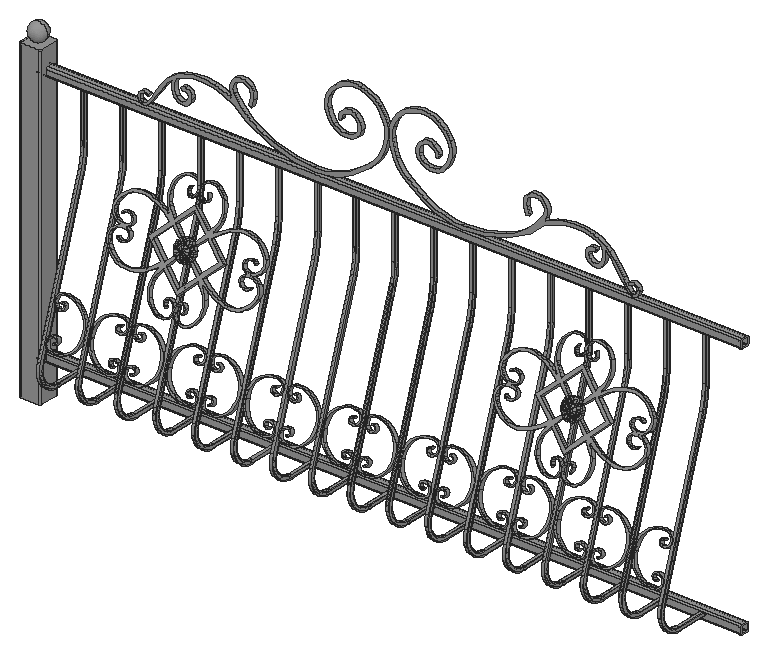
Revit family "Забор декоративный секция", category Обобщенные модели, Revit 2018
Family settings
  Может служить основой для арматурных стержней = Нет
  Размер круглого соединителя = Использовать диаметр
  Тип детали = Нормальный
  На основе рабочей плоскости = Нет
  Всегда вертикально = Да
  При загрузке вырезать с полостями = Нет
  Общий = Нет
  Точка расчета площади = Нет
Parameters
  Ширина секции [instance] = 2000 mm
  Привязка верха штакетины = Высота забора - 10 mm  # 840 mm
  Основной тон = Пластмасса, непрозрачная, черная
  Зазор снизу = 125 mm
  Дополнительный тон (золото) = Золото
  Высота забора = 850 mm
Reference planes
  plane 1 "По центру (Вперед/Назад)": y = 0
  plane 2: z = 0
  plane 3 "По центру (Влево/Вправо)": x = 0
  plane 4 "Левый край": x = -1000
  plane 5: x = 1000
Dimensions and locks
  equal spacing: plane 4 "Левый край", plane 3 "По центру (Влево/Вправо)", plane 5
  plane 4 "Левый край" to plane 5 = 2000 mm
  "Ширина секции": plane 5 to plane 4 "Левый край"
  equal spacing: plane 5, plane 3 "По центру (Влево/Вправо)", plane 4 "Левый край"
  equal spacing: group 1, group 2, group 3, group 4, group 5, group 6, group 7, group 8, group 9, group 10, group 11, group 12, group 13, group 14, group 15, group 16, group 17  (x3)
  aligned and locked: level to plane 2
Nested families
  nested 1: "Стойка декортивного забора 60х60х950" at (-1000, 0, 0), type "Стойка декортивного забора 60х60х950"
    with Высота 900 mm
  nested 2: "Горизонтальная перекладина" at (0, 0, 0), По ширине секции (привязать) <- "Ширина секции", Высота привязать <- "Зазор снизу", type "Горизонтальная перекладина"
    with По ширине секции (привязать) 2000 mm, Высота привязать 125 mm
  nested 3: "Горизонтальная перекладина" at (0, 0, 0), По ширине секции (привязать) <- "Ширина секции", Высота привязать <- "Высота забора", type "Горизонтальная перекладина"
    with По ширине секции (привязать) 2000 mm, Высота привязать 850 mm
  nested 4: "Заполнение забора штакет гнутый" at (-870.438, 0, 0), Высота привязать <- "Привязка верха штакетины", type "Заполнение забора штакет гнутый"
    with По ширине секции (привязать) 2000 mm, Высота привязать 840 mm, Привзяка квадрата 9.016 mm, Низ привязать 125 mm
  nested 5: "Заполнение забора штакет гнутый" at (-760.438, 0, 0), Высота привязать <- "Привязка верха штакетины", type "Заполнение забора штакет гнутый"
    with По ширине секции (привязать) 2000 mm, Высота привязать 840 mm, Привзяка квадрата 9.016 mm, Низ привязать 125 mm
  nested 6: "Заполнение забора штакет гнутый" at (-650.438, 0, 0), Высота привязать <- "Привязка верха штакетины", type "Заполнение забора штакет гнутый"
    with По ширине секции (привязать) 2000 mm, Высота привязать 840 mm, Привзяка квадрата 9.016 mm, Низ привязать 125 mm
  nested 7: "Заполнение забора штакет гнутый" at (-540.438, 0, 0), Высота привязать <- "Привязка верха штакетины", type "Заполнение забора штакет гнутый"
    with По ширине секции (привязать) 2000 mm, Высота привязать 840 mm, Привзяка квадрата 9.016 mm, Низ привязать 125 mm
  nested 8: "Заполнение забора штакет гнутый" at (-430.438, 0, 0), Высота привязать <- "Привязка верха штакетины", type "Заполнение забора штакет гнутый"
    with По ширине секции (привязать) 2000 mm, Высота привязать 840 mm, Привзяка квадрата 9.016 mm, Низ привязать 125 mm
  nested 9: "Заполнение забора штакет гнутый" at (-320.438, 0, 0), Высота привязать <- "Привязка верха штакетины", type "Заполнение забора штакет гнутый"
    with По ширине секции (привязать) 2000 mm, Высота привязать 840 mm, Привзяка квадрата 9.016 mm, Низ привязать 125 mm
  nested 10: "Заполнение забора штакет гнутый" at (-210.438, 0, 0), Высота привязать <- "Привязка верха штакетины", type "Заполнение забора штакет гнутый"
    with По ширине секции (привязать) 2000 mm, Высота привязать 840 mm, Привзяка квадрата 9.016 mm, Низ привязать 125 mm
  nested 11: "Заполнение забора штакет гнутый" at (-100.438, 0, 0), Высота привязать <- "Привязка верха штакетины", type "Заполнение забора штакет гнутый"
    with По ширине секции (привязать) 2000 mm, Высота привязать 840 mm, Привзяка квадрата 9.016 mm, Низ привязать 125 mm
  nested 12: "Заполнение забора штакет гнутый" at (9.562, 0, 0), Высота привязать <- "Привязка верха штакетины", type "Заполнение забора штакет гнутый"
    with По ширине секции (привязать) 2000 mm, Высота привязать 840 mm, Привзяка квадрата 9.016 mm, Низ привязать 125 mm
  nested 13: "Заполнение забора штакет гнутый" at (119.562, 0, 0), Высота привязать <- "Привязка верха штакетины", type "Заполнение забора штакет гнутый"
    with По ширине секции (привязать) 2000 mm, Высота привязать 840 mm, Привзяка квадрата 9.016 mm, Низ привязать 125 mm
  nested 14: "Заполнение забора штакет гнутый" at (229.562, 0, 0), Высота привязать <- "Привязка верха штакетины", type "Заполнение забора штакет гнутый"
    with По ширине секции (привязать) 2000 mm, Высота привязать 840 mm, Привзяка квадрата 9.016 mm, Низ привязать 125 mm
  nested 15: "Заполнение забора штакет гнутый" at (339.562, 0, 0), Высота привязать <- "Привязка верха штакетины", type "Заполнение забора штакет гнутый"
    with По ширине секции (привязать) 2000 mm, Высота привязать 840 mm, Привзяка квадрата 9.016 mm, Низ привязать 125 mm
  nested 16: "Заполнение забора штакет гнутый" at (449.562, 0, 0), Высота привязать <- "Привязка верха штакетины", type "Заполнение забора штакет гнутый"
    with По ширине секции (привязать) 2000 mm, Высота привязать 840 mm, Привзяка квадрата 9.016 mm, Низ привязать 125 mm
  nested 17: "Заполнение забора штакет гнутый" at (559.562, 0, 0), Высота привязать <- "Привязка верха штакетины", type "Заполнение забора штакет гнутый"
    with По ширине секции (привязать) 2000 mm, Высота привязать 840 mm, Привзяка квадрата 9.016 mm, Низ привязать 125 mm
  nested 18: "Заполнение забора штакет гнутый" at (669.562, 0, 0), Высота привязать <- "Привязка верха штакетины", type "Заполнение забора штакет гнутый"
    with По ширине секции (привязать) 2000 mm, Высота привязать 840 mm, Привзяка квадрата 9.016 mm, Низ привязать 125 mm
  nested 19: "Заполнение забора штакет гнутый" at (779.562, 0, 0), Высота привязать <- "Привязка верха штакетины", type "Заполнение забора штакет гнутый"
    with По ширине секции (привязать) 2000 mm, Высота привязать 840 mm, Привзяка квадрата 9.016 mm, Низ привязать 125 mm
  nested 20: "Заполнение забора штакет гнутый" at (889.562, 0, 0), Высота привязать <- "Привязка верха штакетины", type "Заполнение забора штакет гнутый"
    with По ширине секции (привязать) 2000 mm, Высота привязать 840 mm, Привзяка квадрата 9.016 mm, Низ привязать 125 mm
  nested 21: "Элемент заполнения декоративный" at (-830.283, -128.267, 294.413) x (0, -0.3211, -0.9471) z (0, -0.9471, 0.3211), type "Элемент заполнения декоративный"
  nested 22: "Элемент заполнения декоративный" at (-610.283, -128.267, 294.413) x (0, -0.3211, -0.9471) z (0, -0.9471, 0.3211), type "Элемент заполнения декоративный"
  nested 23: "Элемент заполнения декоративный" at (-390.283, -128.267, 294.413) x (0, -0.3211, -0.9471) z (0, -0.9471, 0.3211), type "Элемент заполнения декоративный"
  nested 24: "Элемент заполнения декоративный" at (-170.283, -128.267, 294.413) x (0, -0.3211, -0.9471) z (0, -0.9471, 0.3211), type "Элемент заполнения декоративный"
  nested 25: "Элемент заполнения декоративный" at (49.717, -128.267, 294.413) x (0, -0.3211, -0.9471) z (0, -0.9471, 0.3211), type "Элемент заполнения декоративный"
  nested 26: "Элемент заполнения декоративный" at (269.717, -128.267, 294.413) x (0, -0.3211, -0.9471) z (0, -0.9471, 0.3211), type "Элемент заполнения декоративный"
  nested 27: "Элемент заполнения декоративный" at (489.717, -128.267, 294.413) x (0, -0.3211, -0.9471) z (0, -0.9471, 0.3211), type "Элемент заполнения декоративный"
  nested 28: "Элемент заполнения декоративный" at (709.717, -128.267, 294.413) x (0, -0.3211, -0.9471) z (0, -0.9471, 0.3211), type "Элемент заполнения декоративный"
  nested 29: "Элемент заполнения декоративный орден 1" at (-540.287, -41.79, 549.5) x (1, 0, 0) z (0, -0.9471, 0.3211), type "Элемент заполнения декоративный орден 1"
  nested 30: "Элемент заполнения декоративный орден 1" at (560.421, -46.454, 535.74) x (1, 0, 0) z (0, -0.9471, 0.3211), type "Элемент заполнения декоративный орден 1"
  nested 31: "Декоративный элемент забор" at (0, 0, 850), type "Декоративный элемент забор"
    with Высота привязать 1231.51 mm
Definition of nested family "Стойка декортивного забора 60х60х950"
  Parameters (values of type "Стойка декортивного забора 60х60х950")
    Шарик = 50 mm
    Материал 2 = none
    Материал = none
    Высота [instance] = 900 mm
  Reference planes
    plane 1 "По центру (Вперед/Назад)": y = 0
    plane 2: z = 0
    plane 3 "По центру (Влево/Вправо)": x = 0
    plane 4 "Верх стойки": z = 900
  Forms (mm)
    Extrusion 1, solid, material <- "Материал"
      sketch origin (0, 0, 0) x (1, 0, 0) y (0, 1, 0)
        loop
          arc (-25.5, 30) -> (-28.682, 28.682) -> (-30, 25.5) r 4.5
          line (-30, 25.5) -> (-30, -25.5)
          arc (-30, -25.5) -> (-28.682, -28.682) -> (-25.5, -30) r 4.5
          line (-25.5, -30) -> (25.5, -30)
          arc (25.5, -30) -> (28.682, -28.682) -> (30, -25.5) r 4.5
          line (30, -25.5) -> (30, 25.5)
          arc (30, 25.5) -> (28.682, 28.682) -> (25.5, 30) r 4.5
          line (25.5, 30) -> (-25.5, 30)
        loop
          line (-28, 25.5) -> (-28, -25.5)
          arc (-28, -25.5) -> (-27.268, -27.268) -> (-25.5, -28) r 2.5
          line (-25.5, -28) -> (25.5, -28)
          arc (25.5, -28) -> (27.268, -27.268) -> (28, -25.5) r 2.5
          line (28, -25.5) -> (28, 25.5)
          arc (28, 25.5) -> (27.268, 27.268) -> (25.5, 28) r 2.5
          line (25.5, 28) -> (-25.5, 28)
          arc (-25.5, 28) -> (-27.268, 27.268) -> (-28, 25.5) r 2.5
      from 0 to 898
    Extrusion 2, solid, material <- "Материал"
      sketch origin (-239.007, -1524, 900) x (-1, 0, 0) y (0, -1, 0)
        loop
          arc (-209.007, -1498.5) -> (-210.325, -1495.318) -> (-213.507, -1494) r 4.5
          line (-213.507, -1494) -> (-264.507, -1494)
          arc (-264.507, -1494) -> (-267.689, -1495.318) -> (-269.007, -1498.5) r 4.5
          line (-269.007, -1498.5) -> (-269.007, -1549.5)
          arc (-269.007, -1549.5) -> (-267.689, -1552.682) -> (-264.507, -1554) r 4.5
          line (-264.507, -1554) -> (-213.507, -1554)
          arc (-213.507, -1554) -> (-210.325, -1552.682) -> (-209.007, -1549.5) r 4.5
          line (-209.007, -1549.5) -> (-209.007, -1498.5)
      from 0 to -2
    Revolve 3, solid, material <- "Материал 2"
      sketch origin (0, 0, 0) x (1, 0, 0) y (0, 0, 1)
        loop
          line (0, 950) -> (0, 900)
          arc (0, 900) -> (25, 925) -> (0, 950) r 25
        axis (0, 950) -> (0, 900)
      angle from 0 to 360
  Cuts and joins
    joined: Extrusion 1, Extrusion 2
  Dimensions and locks
    "Высота": plane 4 "Верх стойки" to level
    "Шарик": Revolve 3 sketch curve to plane 4 "Верх стойки"
    aligned and locked: level to plane 2
    aligned and locked: Extrusion 2 sketch curve to Extrusion 1  (x4)
    aligned and locked: Extrusion 1 to Extrusion 2
  Automatic sketch dimensions
    Extrusion 1 sketch curve to Extrusion 1 sketch curve = 0 mm  (x8)
    Extrusion 1 sketch curve to plane 3 "По центру (Влево/Вправо)" = 30 mm
    Extrusion 1 sketch curve to Extrusion 1 sketch curve = 2 mm
    Extrusion 1 sketch curve to Extrusion 1 sketch curve = 2.5 mm  (x3)
    plane 3 "По центру (Влево/Вправо)" to Extrusion 1 sketch curve = 25.5 mm  (x2)
    plane 1 "По центру (Вперед/Назад)" to Extrusion 1 sketch curve = 30 mm
    Extrusion 1 sketch curve to plane 1 "По центру (Вперед/Назад)" = 25.5 mm
    Revolve 3 sketch curve to plane 3 "По центру (Влево/Вправо)" = 0 mm  (x2)
    Revolve 3 sketch curve to plane 4 "Верх стойки" = 0 mm
    Revolve 3 sketch curve to Revolve 3 sketch curve = 12.209 mm
    Revolve 3 sketch curve to Revolve 3 sketch curve = 10.896 mm
Definition of nested family "Горизонтальная перекладина"
  Parameters (values of type "Горизонтальная перекладина")
    По ширине секции (привязать) [instance] = 2049.867 mm
    Материал = none
    Квадрат = 25 mm
    Высота привязать [instance] = 1231.51 mm
  Reference planes
    plane 1 "По центру (Вперед/Назад)": y = 0
    plane 2: z = 0
    plane 3 "По центру (Влево/Вправо)": x = 0
    plane 4 "Левый край": x = -1024.933
    plane 5 "Правый край": x = 1024.933
    plane 6 "Высота": z = 1231.51
  Forms (mm)
    Extrusion 1, solid, material <- "Материал"
      sketch origin (0, 0, 0) x (0, 1, 0) y (0, 0, 1)
        loop
          line (8.5, 1231.51) -> (-8.5, 1231.51)
          arc (-8.5, 1231.51) -> (-11.328, 1230.338) -> (-12.5, 1227.51) r 4
          line (-12.5, 1227.51) -> (-12.5, 1210.51)
          arc (-12.5, 1210.51) -> (-11.328, 1207.682) -> (-8.5, 1206.51) r 4
          line (-8.5, 1206.51) -> (8.5, 1206.51)
          arc (8.5, 1206.51) -> (11.328, 1207.682) -> (12.5, 1210.51) r 4
          line (12.5, 1210.51) -> (12.5, 1227.51)
          arc (12.5, 1227.51) -> (11.328, 1230.338) -> (8.5, 1231.51) r 4
        loop
          arc (10.5, 1227.51) -> (9.914, 1228.924) -> (8.5, 1229.51) r 2
          line (8.5, 1229.51) -> (-8.5, 1229.51)
          arc (-8.5, 1229.51) -> (-9.914, 1228.924) -> (-10.5, 1227.51) r 2
          line (-10.5, 1227.51) -> (-10.5, 1210.51)
          arc (-10.5, 1210.51) -> (-9.914, 1209.096) -> (-8.5, 1208.51) r 2
          line (-8.5, 1208.51) -> (8.5, 1208.51)
          arc (8.5, 1208.51) -> (9.914, 1209.096) -> (10.5, 1210.51) r 2
          line (10.5, 1210.51) -> (10.5, 1227.51)
      from -1024.933 to 1024.933
  Dimensions and locks
    equal spacing: plane 5 "Правый край", plane 3 "По центру (Влево/Вправо)", plane 4 "Левый край"
    plane 5 "Правый край" to plane 4 "Левый край" = 2049.867 mm
    Extrusion 1 to level = 1206.51 mm
    "Высота привязать": plane 6 "Высота" to level
    "По ширине секции (привязать)": plane 5 "Правый край" to plane 4 "Левый край"
    Extrusion 1 sketch curve to Extrusion 1 sketch curve = 2 mm  (x4)
    "Квадрат": Extrusion 1 sketch curve to Extrusion 1 sketch curve  (x2)
    radius of Extrusion 1 sketch curve = 4 mm  (x2)
    aligned and locked: level to plane 2
    aligned and locked: plane 6 "Высота" to Extrusion 1 sketch curve
    aligned and locked: Extrusion 1 to plane 4 "Левый край"
    aligned and locked: plane 5 "Правый край" to Extrusion 1
  Automatic sketch dimensions
    Extrusion 1 sketch curve to Extrusion 1 sketch curve = 0 mm  (x6)
    plane 1 "По центру (Вперед/Назад)" to Extrusion 1 sketch curve = 12.5 mm
    Extrusion 1 sketch curve to Extrusion 1 sketch curve = 2 mm  (x2)
Definition of nested family "Заполнение забора штакет гнутый"
  Parameters (values of type "Заполнение забора штакет гнутый")
    Привзяка квадрата = 5 mm
    По ширине секции (привязать) [instance] = 2000 mm
    Низ привязать = 122.252 mm
    Материал = none
    Квадрат = 25 mm
    Высота привязать [instance] = 900 mm
  Reference planes
    plane 1 "По центру (Вперед/Назад)": y = 0
    plane 2: z = 0
    plane 3 "По центру (Влево/Вправо)": x = 0
    plane 4 "Верх забора": z = 900
    plane 5: z = 122.252
  Forms (mm)
    Sweep 1, solid, material <- "Материал"
      path origin (0, 0, 0) x (0, 1, 0) y (0, 0, 1)
        loop
          line (0, 900) -> (0, 756.382)
          arc (0, 756.382) -> (-2.487, 721.834) -> (-9.898, 687.998) r 241.163
          line (-9.898, 687.998) -> (-155.11, 196.91)
          arc (-155.11, 196.91) -> (-146.064, 142.277) -> (-96.664, 117.252) r 61.27
          line (-96.664, 117.252) -> (0, 117.252)
      profile origin (0, 0, 828.191) x (1, 0, 0) y (0, 1, 0)
        loop
          arc (-4, 5) -> (-4.707, 4.707) -> (-5, 4) r 1
          line (-5, 4) -> (-5, -4)
          arc (-5, -4) -> (-4.707, -4.707) -> (-4, -5) r 1
          line (-4, -5) -> (4, -5)
          arc (4, -5) -> (4.707, -4.707) -> (5, -4) r 1
          line (5, -4) -> (5, 4)
          arc (5, 4) -> (4.707, 4.707) -> (4, 5) r 1
          line (4, 5) -> (-4, 5)
  Dimensions and locks
    "Высота привязать": plane 4 "Верх забора" to level
    plane 5 to level = 122.252 mm
    "Привзяка квадрата": Sweep 1 sketch curve to plane 5
    "Низ привязать": plane 5 to level
    aligned and locked: level to plane 2
  Automatic sketch dimensions
    Sweep 1 sketch curve to plane 3 "По центру (Влево/Вправо)" = 5 mm
    Sweep 1 sketch curve to Sweep 1 sketch curve = 1 mm  (x3)
    plane 3 "По центру (Влево/Вправо)" to Sweep 1 sketch curve = 4 mm  (x2)
    profile plane to Sweep 1 sketch curve = 5 mm
    Sweep 1 sketch curve to profile plane = 4 mm
    Sweep 1 sketch curve to plane 1 "По центру (Вперед/Назад)" = 0 mm  (x2)
    Sweep 1 sketch curve to plane 4 "Верх забора" = 0 mm
    plane 1 "По центру (Вперед/Назад)" to Sweep 1 sketch curve = 9.898 mm
    plane 1 "По центру (Вперед/Назад)" to Sweep 1 sketch curve = 96.664 mm
    plane 5 to Sweep 1 sketch curve = 74.658 mm
    Sweep 1 sketch curve to Sweep 1 sketch curve = 58.446 mm
    plane 1 "По центру (Вперед/Назад)" to Sweep 1 sketch curve = 241.163 mm
    Sweep 1 sketch curve to plane 4 "Верх забора" = 212.002 mm
Definition of nested family "Элемент заполнения декоративный"
  Parameters (values of type "Элемент заполнения декоративный")
    Default Elevation = 1219.2 mm
    Материал = none
  Reference planes
    plane 1 "По центру (Вперед/Назад)": y = 0
    plane 2: z = 0
    plane 3 "По центру (Влево/Вправо)": x = 0
  Forms (mm)
    Extrusion 1, solid
      sketch origin (0, 0, 0) x (1, 0, 0) y (0, 1, 0)
        loop
          line (-1219.2, 1219.2) -> (-1219.2, -1219.2) -> (1219.2, -1219.2) -> (1219.2, 1219.2) -> (-1219.2, 1219.2)
      from 0 to -304.8
    Extrusion 2, solid, material <- "Материал"
      sketch origin (70, 70, 0) x (0, 1, 0) y (-1, 0, 0)
        loop
          arc (5, 70) -> (30.791, 15.727) -> (89.158, 1.447) r 70
          arc (89.158, 1.447) -> (104.181, 26.676) -> (77.861, 39.692) r 20
          arc (77.861, 39.692) -> (71.951, 27.166) -> (84.226, 20.75) r 10
          arc (84.226, 20.75) -> (85.04, 22.362) -> (83.375, 23.063) r 1.235
          arc (83.375, 23.063) -> (78.919, 22.88) -> (75.568, 25.823) r 6
          arc (75.568, 25.823) -> (75.107, 31.005) -> (78.35, 35.074) r 7
          arc (78.35, 35.074) -> (84.955, 37.078) -> (91.734, 35.777) r 14.398
          arc (91.734, 35.777) -> (96.112, 32.805) -> (99.084, 28.427) r 14.081
          arc (99.084, 28.427) -> (98.994, 13.497) -> (87.159, 4.396) r 17
          arc (87.159, 4.396) -> (84.811, 3.908) -> (82.438, 3.566) r 38.926
          arc (82.438, 3.566) -> (64.247, 4.099) -> (47.198, 10.468) r 55.706
          arc (47.198, 10.468) -> (43.041, 12.921) -> (39.003, 15.565) r 103.648
          arc (39.003, 15.565) -> (18.934, 39.406) -> (13, 70) r 62
          arc (13, 70) -> (18.934, 100.594) -> (39.003, 124.435) r 62
          arc (39.003, 124.435) -> (43.041, 127.079) -> (47.198, 129.532) r 103.648
          arc (47.198, 129.532) -> (64.247, 135.901) -> (82.438, 136.434) r 55.706
          arc (82.438, 136.434) -> (84.811, 136.092) -> (87.159, 135.604) r 38.926
          arc (87.159, 135.604) -> (98.994, 126.503) -> (99.084, 111.573) r 17
          arc (99.084, 111.573) -> (96.112, 107.195) -> (91.734, 104.223) r 14.081
          arc (91.734, 104.223) -> (84.955, 102.922) -> (78.35, 104.926) r 14.398
          arc (78.35, 104.926) -> (75.107, 108.995) -> (75.568, 114.177) r 7
          arc (75.568, 114.177) -> (78.919, 117.12) -> (83.375, 116.937) r 6
          arc (83.375, 116.937) -> (85.04, 117.638) -> (84.226, 119.25) r 1.235
          arc (84.226, 119.25) -> (71.951, 112.834) -> (77.861, 100.308) r 10
          arc (77.861, 100.308) -> (104.181, 113.324) -> (89.158, 138.553) r 20
          arc (89.158, 138.553) -> (30.791, 124.273) -> (5, 70) r 70
        loop
          arc (-5, 70) -> (-30.791, 124.273) -> (-89.158, 138.553) r 70
          arc (-89.158, 138.553) -> (-104.181, 113.324) -> (-77.861, 100.308) r 20
          arc (-77.861, 100.308) -> (-71.951, 112.834) -> (-84.226, 119.25) r 10
          arc (-84.226, 119.25) -> (-85.04, 117.638) -> (-83.375, 116.937) r 1.235
          arc (-83.375, 116.937) -> (-78.919, 117.12) -> (-75.568, 114.177) r 6
          arc (-75.568, 114.177) -> (-75.107, 108.995) -> (-78.35, 104.926) r 7
          arc (-78.35, 104.926) -> (-84.955, 102.922) -> (-91.734, 104.223) r 14.398
          arc (-91.734, 104.223) -> (-96.112, 107.195) -> (-99.084, 111.573) r 14.081
          arc (-99.084, 111.573) -> (-98.994, 126.503) -> (-87.159, 135.604) r 17
          arc (-87.159, 135.604) -> (-84.811, 136.092) -> (-82.438, 136.434) r 38.926
          arc (-82.438, 136.434) -> (-64.247, 135.901) -> (-47.198, 129.532) r 55.706
          arc (-47.198, 129.532) -> (-43.041, 127.079) -> (-39.003, 124.435) r 103.648
          arc (-39.003, 124.435) -> (-18.934, 100.594) -> (-13, 70) r 62
          arc (-13, 70) -> (-18.934, 39.406) -> (-39.003, 15.565) r 62
          arc (-39.003, 15.565) -> (-43.041, 12.921) -> (-47.198, 10.468) r 103.648
          arc (-47.198, 10.468) -> (-64.247, 4.099) -> (-82.438, 3.566) r 55.706
          arc (-82.438, 3.566) -> (-84.811, 3.908) -> (-87.159, 4.396) r 38.926
          arc (-87.159, 4.396) -> (-98.994, 13.497) -> (-99.084, 28.427) r 17
          arc (-99.084, 28.427) -> (-96.112, 32.805) -> (-91.734, 35.777) r 14.081
          arc (-91.734, 35.777) -> (-84.955, 37.078) -> (-78.35, 35.074) r 14.398
          arc (-78.35, 35.074) -> (-75.107, 31.005) -> (-75.568, 25.823) r 7
          arc (-75.568, 25.823) -> (-78.919, 22.88) -> (-83.375, 23.063) r 6
          arc (-83.375, 23.063) -> (-85.04, 22.362) -> (-84.226, 20.75) r 1.235
          arc (-84.226, 20.75) -> (-71.951, 27.166) -> (-77.861, 39.692) r 10
          arc (-77.861, 39.692) -> (-104.181, 26.676) -> (-89.158, 1.447) r 20
          arc (-89.158, 1.447) -> (-30.791, 15.727) -> (-5, 70) r 70
      from 0 to -10
  Dimensions and locks
    aligned and locked: plane 2 to Extrusion 1
    aligned and locked: level to Extrusion 1
Definition of nested family "Элемент заполнения декоративный орден 1"
  Parameters (values of type "Элемент заполнения декоративный орден 1")
    Default Elevation = 1219.2 mm
    Материал 2 = none
    Материал = none
  Reference planes
    plane 1 "По центру (Вперед/Назад)": y = 0
    plane 2: z = 0
    plane 3 "По центру (Влево/Вправо)": x = 0
  Forms (mm)
    Extrusion 1, solid
      sketch origin (-104.513, 74.459, 0) x (1, 0, 0) y (0, 1, 0)
        loop
          line (-1219.2, 1219.2) -> (-1219.2, -1219.2) -> (1219.2, -1219.2) -> (1219.2, 1219.2) -> (-1219.2, 1219.2)
      from 0 to -304.8
    Extrusion 2, solid, material <- "Материал"
      sketch origin (0, 0, 0) x (1, 0, 0) y (0, 1, 0)
        loop
          line (-106.066, 0) -> (-59.156, 46.91)
          arc (-59.156, 46.91) -> (-91.839, 70.04) -> (-129.281, 84.226) r 158.237
          arc (-129.281, 84.226) -> (-151.091, 85.811) -> (-172.263, 80.34) r 67.484
          arc (-172.263, 80.34) -> (-185.995, 72.218) -> (-197.436, 61.1) r 67.484
          arc (-197.436, 61.1) -> (-201.996, 55.263) -> (-206.077, 49.082) r 92.879
          arc (-206.077, 49.082) -> (-208.64, 44.226) -> (-210.201, 38.962) r 27.867
          arc (-210.201, 38.962) -> (-210.797, 34.459) -> (-210.231, 29.952) r 17.748
          arc (-210.231, 29.952) -> (-208.78, 23.799) -> (-205.533, 18.375) r 20.598
          arc (-205.533, 18.375) -> (-203.86, 16.221) -> (-201.909, 14.315) r 19.955
          arc (-201.909, 14.315) -> (-195.723, 9.253) -> (-188.437, 5.964) r 30.619
          arc (-188.437, 5.964) -> (-179.622, 4.557) -> (-170.763, 5.654) r 31.822
          arc (-170.763, 5.654) -> (-166.976, 6.937) -> (-163.379, 8.686) r 31.822
          arc (-163.379, 8.686) -> (-159.468, 13.901) -> (-158.706, 20.376) r 12.532
          arc (-158.706, 20.376) -> (-162.887, 28.593) -> (-171.187, 32.607) r 14.446
          arc (-171.187, 32.607) -> (-177.841, 32.833) -> (-184.008, 30.325) r 15.966
          arc (-184.008, 30.325) -> (-185.67, 29.157) -> (-187.142, 27.756) r 13.803
          arc (-187.142, 27.756) -> (-188.573, 27.574) -> (-188.977, 28.959) r 1.11
          arc (-188.977, 28.959) -> (-187.513, 31.341) -> (-185.498, 33.279) r 11.034
          arc (-185.498, 33.279) -> (-182.763, 34.874) -> (-179.744, 35.828) r 14.291
          arc (-179.744, 35.828) -> (-169.308, 34.996) -> (-160.112, 29.994) r 25.193
          arc (-160.112, 29.994) -> (-154.724, 18.299) -> (-160.112, 6.603) r 15.388
          arc (-160.112, 6.603) -> (-166.81, 2.311) -> (-174.424, 0) r 29.007
          arc (-174.424, 0) -> (-166.81, -2.311) -> (-160.112, -6.603) r 29.007
          arc (-160.112, -6.603) -> (-154.724, -18.299) -> (-160.112, -29.994) r 15.388
          arc (-160.112, -29.994) -> (-169.308, -34.996) -> (-179.744, -35.828) r 25.193
          arc (-179.744, -35.828) -> (-182.763, -34.874) -> (-185.498, -33.279) r 14.291
          arc (-185.498, -33.279) -> (-187.513, -31.341) -> (-188.977, -28.959) r 11.034
          arc (-188.977, -28.959) -> (-188.573, -27.574) -> (-187.142, -27.756) r 1.11
          arc (-187.142, -27.756) -> (-185.67, -29.157) -> (-184.008, -30.325) r 13.803
          arc (-184.008, -30.325) -> (-177.841, -32.833) -> (-171.187, -32.607) r 15.966
          arc (-171.187, -32.607) -> (-162.887, -28.593) -> (-158.706, -20.376) r 14.446
          arc (-158.706, -20.376) -> (-159.468, -13.901) -> (-163.379, -8.686) r 12.532
          arc (-163.379, -8.686) -> (-166.976, -6.937) -> (-170.763, -5.654) r 31.822
          arc (-170.763, -5.654) -> (-179.622, -4.557) -> (-188.437, -5.964) r 31.822
          arc (-188.437, -5.964) -> (-195.723, -9.253) -> (-201.909, -14.315) r 30.619
          arc (-201.909, -14.315) -> (-203.86, -16.221) -> (-205.533, -18.375) r 19.955
          arc (-205.533, -18.375) -> (-208.78, -23.799) -> (-210.231, -29.952) r 20.598
          arc (-210.231, -29.952) -> (-210.797, -34.459) -> (-210.201, -38.962) r 17.748
          arc (-210.201, -38.962) -> (-208.64, -44.226) -> (-206.077, -49.082) r 27.867
          arc (-206.077, -49.082) -> (-201.996, -55.263) -> (-197.436, -61.1) r 92.879
          arc (-197.436, -61.1) -> (-185.995, -72.218) -> (-172.263, -80.34) r 67.484
          arc (-172.263, -80.34) -> (-151.091, -85.811) -> (-129.281, -84.226) r 67.484
          arc (-129.281, -84.226) -> (-91.839, -70.04) -> (-59.156, -46.91) r 158.237
          line (-59.156, -46.91) -> (-106.066, 0)
        loop
          line (-91.924, 0) -> (-49.935, -41.989)
          arc (-49.935, -41.989) -> (-25.883, -21.486) -> (-2.705, 0) r 758.927
          arc (-2.705, 0) -> (-25.883, 21.486) -> (-49.935, 41.989) r 758.927
          line (-49.935, 41.989) -> (-91.924, 0)
        loop
          arc (-64.195, 61.868) -> (-93.948, 79.23) -> (-126.558, 90.331) r 172.43
          arc (-126.558, 90.331) -> (-137.785, 92.017) -> (-149.138, 91.915) r 71.913
          arc (-149.138, 91.915) -> (-188.775, 78.564) -> (-214.612, 45.675) r 73.132
          arc (-214.612, 45.675) -> (-216.573, 28.641) -> (-208.842, 13.337) r 29.862
          arc (-208.842, 13.337) -> (-197.273, 4.576) -> (-183.502, 0) r 44.528
          arc (-183.502, 0) -> (-197.273, -4.576) -> (-208.842, -13.337) r 44.528
          arc (-208.842, -13.337) -> (-216.573, -28.641) -> (-214.612, -45.675) r 29.862
          arc (-214.612, -45.675) -> (-188.775, -78.564) -> (-149.138, -91.915) r 73.132
          arc (-149.138, -91.915) -> (-137.785, -92.017) -> (-126.558, -90.331) r 71.913
          arc (-126.558, -90.331) -> (-93.948, -79.23) -> (-64.195, -61.868) r 172.43
          arc (-64.195, -61.868) -> (-62.903, -61.983) -> (-62.839, -63.278) r 0.987
          arc (-62.839, -63.278) -> (-71.434, -77.099) -> (-76.784, -92.472) r 73.648
          arc (-76.784, -92.472) -> (-78.323, -115.521) -> (-72.647, -137.914) r 73.648
          arc (-72.647, -137.914) -> (-62.377, -153.676) -> (-47.4, -165.061) r 55.056
          arc (-47.4, -165.061) -> (-30.562, -169.166) -> (-13.723, -165.061) r 36.586
          arc (-13.723, -165.061) -> (-5.772, -158.628) -> (-0.987, -149.589) r 25.499
          arc (-0.987, -149.589) -> (0, -148.849) -> (0.987, -149.589) r 1.029
          arc (0.987, -149.589) -> (5.772, -158.628) -> (13.723, -165.061) r 25.499
          arc (13.723, -165.061) -> (30.562, -169.166) -> (47.4, -165.061) r 36.586
          arc (47.4, -165.061) -> (62.377, -153.676) -> (72.647, -137.914) r 55.056
          arc (72.647, -137.914) -> (78.323, -115.521) -> (76.784, -92.472) r 73.648
          arc (76.784, -92.472) -> (71.434, -77.099) -> (62.839, -63.278) r 73.648
          arc (62.839, -63.278) -> (62.903, -61.983) -> (64.195, -61.868) r 0.987
          arc (64.195, -61.868) -> (93.948, -79.23) -> (126.558, -90.331) r 172.43
          arc (126.558, -90.331) -> (137.785, -92.017) -> (149.138, -91.915) r 71.913
          arc (149.138, -91.915) -> (188.775, -78.564) -> (214.612, -45.675) r 73.132
          arc (214.612, -45.675) -> (216.573, -28.641) -> (208.842, -13.337) r 29.862
          arc (208.842, -13.337) -> (197.273, -4.576) -> (183.502, 0) r 44.528
          arc (183.502, 0) -> (197.273, 4.576) -> (208.842, 13.337) r 44.528
          arc (208.842, 13.337) -> (216.573, 28.641) -> (214.612, 45.675) r 29.862
          arc (214.612, 45.675) -> (188.775, 78.564) -> (149.138, 91.915) r 73.132
          arc (149.138, 91.915) -> (137.785, 92.017) -> (126.558, 90.331) r 71.913
          arc (126.558, 90.331) -> (93.948, 79.23) -> (64.195, 61.868) r 172.43
          arc (64.195, 61.868) -> (62.903, 61.983) -> (62.839, 63.278) r 0.987
          arc (62.839, 63.278) -> (71.434, 77.099) -> (76.784, 92.472) r 73.648
          arc (76.784, 92.472) -> (78.323, 115.521) -> (72.647, 137.914) r 73.648
          arc (72.647, 137.914) -> (62.377, 153.676) -> (47.4, 165.061) r 55.056
          arc (47.4, 165.061) -> (30.562, 169.166) -> (13.723, 165.061) r 36.586
          arc (13.723, 165.061) -> (5.811, 158.676) -> (1.023, 149.708) r 25.499
          arc (1.023, 149.708) -> (0, 148.946) -> (-1.023, 149.708) r 1.067
          arc (-1.023, 149.708) -> (-5.811, 158.676) -> (-13.723, 165.061) r 25.499
          arc (-13.723, 165.061) -> (-30.562, 169.166) -> (-47.4, 165.061) r 36.586
          arc (-47.4, 165.061) -> (-62.377, 153.676) -> (-72.647, 137.914) r 55.056
          arc (-72.647, 137.914) -> (-78.323, 115.521) -> (-76.784, 92.472) r 73.648
          arc (-76.784, 92.472) -> (-71.434, 77.099) -> (-62.839, 63.278) r 73.648
          arc (-62.839, 63.278) -> (-62.903, 61.983) -> (-64.195, 61.868) r 0.987
        loop
          arc (-5.767, 124.47) -> (-11.451, 119.632) -> (-18.696, 117.838) r 16.288
          arc (-18.696, 117.838) -> (-26.359, 120.708) -> (-30.083, 127.994) r 11.315
          arc (-30.083, 127.994) -> (-29.353, 135.462) -> (-25.773, 142.058) r 18.889
          arc (-25.773, 142.058) -> (-24.216, 142.167) -> (-24.162, 140.607) r 1.085
          arc (-24.162, 140.607) -> (-25.694, 138.574) -> (-26.684, 136.228) r 10.354
          arc (-26.684, 136.228) -> (-27.274, 133.559) -> (-27.553, 130.841) r 23.575
          arc (-27.553, 130.841) -> (-27.248, 127.622) -> (-26.077, 124.608) r 11.739
          arc (-26.077, 124.608) -> (-23.945, 122.153) -> (-21.007, 120.761) r 7.927
          arc (-21.007, 120.761) -> (-17.559, 120.53) -> (-14.229, 121.456) r 10.271
          arc (-14.229, 121.456) -> (-9.541, 123.812) -> (-6.235, 127.886) r 12.476
          arc (-6.235, 127.886) -> (-3.438, 135.826) -> (-2.792, 144.22) r 32.231
          arc (-2.792, 144.22) -> (-6.268, 154.882) -> (-14.598, 162.391) r 21.73
          arc (-14.598, 162.391) -> (-29.201, 165.907) -> (-43.804, 162.391) r 32.077
          arc (-43.804, 162.391) -> (-60.149, 149.608) -> (-70.55, 131.654) r 54.641
          arc (-70.55, 131.654) -> (-74.048, 111.545) -> (-70.973, 91.367) r 63.366
          arc (-70.973, 91.367) -> (-69.488, 87.267) -> (-67.725, 83.279) r 63.366
          arc (-67.725, 83.279) -> (-58.148, 70.42) -> (-48.301, 57.765) r 758.927
          line (-48.301, 57.765) -> (0, 106.066) -> (48.301, 57.765)
          arc (48.301, 57.765) -> (58.148, 70.42) -> (67.725, 83.279) r 758.927
          arc (67.725, 83.279) -> (69.488, 87.267) -> (70.973, 91.367) r 63.366
          arc (70.973, 91.367) -> (74.048, 111.545) -> (70.55, 131.654) r 63.366
          arc (70.55, 131.654) -> (60.149, 149.608) -> (43.804, 162.391) r 54.641
          arc (43.804, 162.391) -> (29.201, 165.907) -> (14.598, 162.391) r 32.077
          arc (14.598, 162.391) -> (6.268, 154.882) -> (2.792, 144.22) r 21.73
          arc (2.792, 144.22) -> (3.438, 135.826) -> (6.235, 127.886) r 32.231
          arc (6.235, 127.886) -> (9.541, 123.812) -> (14.229, 121.456) r 12.476
          arc (14.229, 121.456) -> (17.559, 120.53) -> (21.007, 120.761) r 10.271
          arc (21.007, 120.761) -> (23.945, 122.153) -> (26.077, 124.608) r 7.927
          arc (26.077, 124.608) -> (27.248, 127.622) -> (27.553, 130.841) r 11.739
          arc (27.553, 130.841) -> (27.274, 133.559) -> (26.684, 136.228) r 23.575
          arc (26.684, 136.228) -> (25.694, 138.574) -> (24.162, 140.607) r 10.354
          arc (24.162, 140.607) -> (24.216, 142.167) -> (25.773, 142.058) r 1.085
          arc (25.773, 142.058) -> (29.353, 135.462) -> (30.083, 127.994) r 18.889
          arc (30.083, 127.994) -> (26.359, 120.708) -> (18.696, 117.838) r 11.315
          arc (18.696, 117.838) -> (11.451, 119.632) -> (5.767, 124.47) r 16.288
          arc (5.767, 124.47) -> (2.937, 129.163) -> (1.012, 134.295) r 29.875
          arc (1.012, 134.295) -> (0, 135.068) -> (-1.012, 134.295) r 1.049
          arc (-1.012, 134.295) -> (-2.937, 129.163) -> (-5.767, 124.47) r 29.875
        loop
          arc (-41.989, 49.935) -> (-21.486, 25.883) -> (0, 2.705) r 758.927
          arc (0, 2.705) -> (21.486, 25.883) -> (41.989, 49.935) r 758.927
          line (41.989, 49.935) -> (0, 91.924) -> (-41.989, 49.935)
        loop
          arc (-5.767, -124.47) -> (-3.286, -128.466) -> (-1.462, -132.803) r 29.875
          arc (-1.462, -132.803) -> (0, -133.86) -> (1.462, -132.803) r 1.54
          arc (1.462, -132.803) -> (3.286, -128.466) -> (5.767, -124.47) r 29.875
          arc (5.767, -124.47) -> (11.451, -119.632) -> (18.696, -117.838) r 16.288
          arc (18.696, -117.838) -> (26.359, -120.708) -> (30.083, -127.994) r 11.315
          arc (30.083, -127.994) -> (29.353, -135.462) -> (25.773, -142.058) r 18.889
          arc (25.773, -142.058) -> (24.216, -142.167) -> (24.162, -140.607) r 1.085
          arc (24.162, -140.607) -> (25.694, -138.574) -> (26.684, -136.228) r 10.354
          arc (26.684, -136.228) -> (27.274, -133.559) -> (27.553, -130.841) r 23.575
          arc (27.553, -130.841) -> (27.248, -127.622) -> (26.077, -124.608) r 11.739
          arc (26.077, -124.608) -> (23.945, -122.153) -> (21.007, -120.761) r 7.927
          arc (21.007, -120.761) -> (17.559, -120.53) -> (14.229, -121.456) r 10.271
          arc (14.229, -121.456) -> (9.541, -123.812) -> (6.235, -127.886) r 12.476
          arc (6.235, -127.886) -> (3.438, -135.826) -> (2.792, -144.22) r 32.231
          arc (2.792, -144.22) -> (6.268, -154.882) -> (14.598, -162.391) r 21.73
          arc (14.598, -162.391) -> (29.201, -165.907) -> (43.804, -162.391) r 32.077
          arc (43.804, -162.391) -> (60.149, -149.608) -> (70.55, -131.654) r 54.641
          arc (70.55, -131.654) -> (74.048, -111.545) -> (70.973, -91.367) r 63.366
          arc (70.973, -91.367) -> (69.488, -87.267) -> (67.725, -83.279) r 63.366
          arc (67.725, -83.279) -> (58.148, -70.42) -> (48.301, -57.765) r 758.927
          line (48.301, -57.765) -> (0, -106.066) -> (-48.301, -57.765)
          arc (-48.301, -57.765) -> (-58.148, -70.42) -> (-67.725, -83.279) r 758.927
          arc (-67.725, -83.279) -> (-69.488, -87.267) -> (-70.973, -91.367) r 63.366
          arc (-70.973, -91.367) -> (-74.048, -111.545) -> (-70.55, -131.654) r 63.366
          arc (-70.55, -131.654) -> (-60.149, -149.608) -> (-43.804, -162.391) r 54.641
          arc (-43.804, -162.391) -> (-29.201, -165.907) -> (-14.598, -162.391) r 32.077
          arc (-14.598, -162.391) -> (-6.268, -154.882) -> (-2.792, -144.22) r 21.73
          arc (-2.792, -144.22) -> (-3.438, -135.826) -> (-6.235, -127.886) r 32.231
          arc (-6.235, -127.886) -> (-9.541, -123.812) -> (-14.229, -121.456) r 12.476
          arc (-14.229, -121.456) -> (-17.559, -120.53) -> (-21.007, -120.761) r 10.271
          arc (-21.007, -120.761) -> (-23.945, -122.153) -> (-26.077, -124.608) r 7.927
          arc (-26.077, -124.608) -> (-27.248, -127.622) -> (-27.553, -130.841) r 11.739
          arc (-27.553, -130.841) -> (-27.274, -133.559) -> (-26.684, -136.228) r 23.575
          arc (-26.684, -136.228) -> (-25.694, -138.574) -> (-24.162, -140.607) r 10.354
          arc (-24.162, -140.607) -> (-24.216, -142.167) -> (-25.773, -142.058) r 1.085
          arc (-25.773, -142.058) -> (-29.353, -135.462) -> (-30.083, -127.994) r 18.889
          arc (-30.083, -127.994) -> (-26.359, -120.708) -> (-18.696, -117.838) r 11.315
          arc (-18.696, -117.838) -> (-11.451, -119.632) -> (-5.767, -124.47) r 16.288
        loop
          line (-41.989, -49.935) -> (0, -91.924) -> (41.989, -49.935)
          arc (41.989, -49.935) -> (21.486, -25.883) -> (0, -2.705) r 758.927
          arc (0, -2.705) -> (-21.486, -25.883) -> (-41.989, -49.935) r 758.927
        loop
          line (106.066, 0) -> (59.156, -46.91)
          arc (59.156, -46.91) -> (91.839, -70.04) -> (129.281, -84.226) r 158.237
          arc (129.281, -84.226) -> (151.091, -85.811) -> (172.263, -80.34) r 67.484
          arc (172.263, -80.34) -> (185.995, -72.218) -> (197.436, -61.1) r 67.484
          arc (197.436, -61.1) -> (201.996, -55.263) -> (206.077, -49.082) r 92.879
          arc (206.077, -49.082) -> (208.64, -44.226) -> (210.201, -38.962) r 27.867
          arc (210.201, -38.962) -> (210.797, -34.459) -> (210.231, -29.952) r 17.748
          arc (210.231, -29.952) -> (208.78, -23.799) -> (205.533, -18.375) r 20.598
          arc (205.533, -18.375) -> (203.86, -16.221) -> (201.909, -14.315) r 19.955
          arc (201.909, -14.315) -> (195.723, -9.253) -> (188.437, -5.964) r 30.619
          arc (188.437, -5.964) -> (179.622, -4.557) -> (170.763, -5.654) r 31.822
          arc (170.763, -5.654) -> (166.976, -6.937) -> (163.379, -8.686) r 31.822
          arc (163.379, -8.686) -> (159.468, -13.901) -> (158.706, -20.376) r 12.532
          arc (158.706, -20.376) -> (162.887, -28.593) -> (171.187, -32.607) r 14.446
          arc (171.187, -32.607) -> (177.841, -32.833) -> (184.008, -30.325) r 15.966
          arc (184.008, -30.325) -> (185.67, -29.157) -> (187.142, -27.756) r 13.803
          arc (187.142, -27.756) -> (188.573, -27.574) -> (188.977, -28.959) r 1.11
          arc (188.977, -28.959) -> (187.513, -31.341) -> (185.498, -33.279) r 11.034
          arc (185.498, -33.279) -> (182.763, -34.874) -> (179.744, -35.828) r 14.291
          arc (179.744, -35.828) -> (169.308, -34.996) -> (160.112, -29.994) r 25.193
          arc (160.112, -29.994) -> (154.724, -18.299) -> (160.112, -6.603) r 15.388
          arc (160.112, -6.603) -> (166.81, -2.311) -> (174.424, 0) r 29.007
          arc (174.424, 0) -> (166.81, 2.311) -> (160.112, 6.603) r 29.007
          arc (160.112, 6.603) -> (154.724, 18.299) -> (160.112, 29.994) r 15.388
          arc (160.112, 29.994) -> (169.308, 34.996) -> (179.744, 35.828) r 25.193
          arc (179.744, 35.828) -> (182.763, 34.874) -> (185.498, 33.279) r 14.291
          arc (185.498, 33.279) -> (187.513, 31.341) -> (188.977, 28.959) r 11.034
          arc (188.977, 28.959) -> (188.573, 27.574) -> (187.142, 27.756) r 1.11
          arc (187.142, 27.756) -> (185.67, 29.157) -> (184.008, 30.325) r 13.803
          arc (184.008, 30.325) -> (177.841, 32.833) -> (171.187, 32.607) r 15.966
          arc (171.187, 32.607) -> (162.887, 28.593) -> (158.706, 20.376) r 14.446
          arc (158.706, 20.376) -> (159.468, 13.901) -> (163.379, 8.686) r 12.532
          arc (163.379, 8.686) -> (166.976, 6.937) -> (170.763, 5.654) r 31.822
          arc (170.763, 5.654) -> (179.622, 4.557) -> (188.437, 5.964) r 31.822
          arc (188.437, 5.964) -> (195.723, 9.253) -> (201.909, 14.315) r 30.619
          arc (201.909, 14.315) -> (203.86, 16.221) -> (205.533, 18.375) r 19.955
          arc (205.533, 18.375) -> (208.78, 23.799) -> (210.231, 29.952) r 20.598
          arc (210.231, 29.952) -> (210.797, 34.459) -> (210.201, 38.962) r 17.748
          arc (210.201, 38.962) -> (208.64, 44.226) -> (206.077, 49.082) r 27.867
          arc (206.077, 49.082) -> (201.996, 55.263) -> (197.436, 61.1) r 92.879
          arc (197.436, 61.1) -> (185.995, 72.218) -> (172.263, 80.34) r 67.484
          arc (172.263, 80.34) -> (151.091, 85.811) -> (129.281, 84.226) r 67.484
          arc (129.281, 84.226) -> (91.839, 70.04) -> (59.156, 46.91) r 158.237
          line (59.156, 46.91) -> (106.066, 0)
        loop
          line (91.924, 0) -> (49.935, 41.989)
          arc (49.935, 41.989) -> (25.883, 21.486) -> (2.705, 0) r 758.927
          arc (2.705, 0) -> (25.883, -21.486) -> (49.935, -41.989) r 758.927
          line (49.935, -41.989) -> (91.924, 0)
      from 0 to 10
  Lines and regions (mm)
    model lines
      curve 1: line (4043.381, 920.139, 0) -> (4109.297, 850.049, 0)
  Dimensions and locks
    aligned and locked: plane 2 to Extrusion 1
    aligned and locked: level to Extrusion 1
  Nested families
    nested 1: "Лепесток цветка" at (0, 0, 10), type "Лепесток цветка"
    nested 2: "Лепесток цветка" at (0, 0, 10) x (-1, 0, 0) z (0, 0, 1), type "Лепесток цветка"
    nested 3: "Лепесток цветка" at (0, 0, 10) x (0, -1, 0) z (0, 0, 1), type "Лепесток цветка"
    nested 4: "Лепесток цветка" at (0, 0, 10) x (0, 1, 0) z (0, 0, 1), type "Лепесток цветка"
    nested 5: "Лепесток цветка" at (0, 0, 10) x (-1, 0, 0) z (0, 0, 1), type "Лепесток цветка"
    nested 6: "Лепесток цветка" at (0, 0, 10), type "Лепесток цветка"
    nested 7: "Лепесток цветка" at (0, 0, 10) x (0, 1, 0) z (0, 0, 1), type "Лепесток цветка"
    nested 8: "Лепесток цветка" at (0, 0, 10) x (0, -1, 0) z (0, 0, 1), type "Лепесток цветка"
  Definition of nested family "Лепесток цветка"
    Parameters (values of type "Лепесток цветка")
      Default Elevation = 1219.2 mm
      Материал 2 = none
    Reference planes
      plane 1 "По центру (Вперед/Назад)": y = 0
      plane 2: z = 0
      plane 3 "По центру (Влево/Вправо)": x = 0
    Forms (mm)
      Extrusion 1, solid
        sketch origin (0, 0, 0) x (1, 0, 0) y (0, 1, 0)
          loop
            line (-1219.2, 1219.2) -> (-1219.2, -1219.2) -> (1219.2, -1219.2) -> (1219.2, 1219.2) -> (-1219.2, 1219.2)
        from 0 to -304.8
      Extrusion 2, solid, material <- "Материал 2"
        sketch origin (0, 0, 0) x (1, 0, 0) y (0, 1, 0)
          loop
            arc (0, 24.486) -> (-1.841, 28.365) -> (-6.01, 29.392) r 5.007
            arc (-6.01, 29.392) -> (-11.485, 27.714) -> (-16.542, 25.027) r 30
            arc (-16.542, 25.027) -> (-18.76, 21.359) -> (-17.321, 17.321) r 5
            line (-17.321, 17.321) -> (0, 0) -> (0, 24.486)
        from 0 to 15
      Revolve 3, void
        sketch origin (-21.213, 21.213, 0) x (0.707107, -0.707107, 0) y (0, 0, 1)
          loop
            arc (0, 7.5) -> (8.505, 10) -> (17.01, 7.5) r 15.717
            arc (17.01, 7.5) -> (22.5, 12.99) -> (30, 15) r 15
            line (30, 15) -> (0, 15) -> (0, 7.5)
          axis (30, 15) -> (30, 7.5)
        angle from 0 to 45
      Extrusion 4, void
        sketch origin (0, 0, -15.169) x (-0.92388, -0.382683, 0) y (0, 0, 1)
          loop
            spline (0, 23.75) -> (0.99, 23.792) -> (1.913, 23.917) -> (2.706, 24.116) -> (3.314, 24.375) -> (3.696, 24.676) -> (3.827, 25) -> (3.696, 25.323) -> (3.314, 25.625) -> (2.706, 25.884) -> (1.913, 26.083) -> (0.99, 26.207) -> (0, 26.25)
            spline (0, 26.25) -> (-0.99, 26.207) -> (-1.913, 26.083) -> (-2.706, 25.884) -> (-3.314, 25.625) -> (-3.696, 25.323) -> (-3.827, 25) -> (-3.696, 24.676) -> (-3.314, 24.375) -> (-2.706, 24.116) -> (-1.913, 23.917) -> (-0.99, 23.792) -> (0, 23.75)
        from 14.352 to 28.564
      Extrusion 5, void
        sketch origin (0, 0, -15.169) x (-1, 0.000176, 0) y (0, 0, 1)
          loop
            spline (0, 23.75) -> (0.677, 23.792) -> (1.308, 23.917) -> (1.85, 24.116) -> (2.265, 24.375) -> (2.527, 24.676) -> (2.616, 25) -> (2.527, 25.323) -> (2.265, 25.625) -> (1.85, 25.884) -> (1.308, 26.083) -> (0.677, 26.207) -> (0, 26.25)
            spline (0, 26.25) -> (-0.677, 26.207) -> (-1.308, 26.083) -> (-1.85, 25.884) -> (-2.265, 25.625) -> (-2.527, 25.323) -> (-2.616, 25) -> (-2.527, 24.676) -> (-2.265, 24.375) -> (-1.85, 24.116) -> (-1.308, 23.917) -> (-0.677, 23.792) -> (0, 23.75)
        from 14.352 to 28.564
      Extrusion 6, void
        sketch origin (0, 0, -15.169) x (0.706733, 0.70748, 0) y (0, 0, -1)
          loop
            spline (0, -23.75) -> (-0.677, -23.792) -> (-1.308, -23.917) -> (-1.85, -24.116) -> (-2.265, -24.375) -> (-2.527, -24.676) -> (-2.616, -25) -> (-2.527, -25.323) -> (-2.265, -25.625) -> (-1.85, -25.884) -> (-1.308, -26.083) -> (-0.677, -26.207) -> (0, -26.25)
            spline (0, -26.25) -> (0.677, -26.207) -> (1.308, -26.083) -> (1.85, -25.884) -> (2.265, -25.625) -> (2.527, -25.323) -> (2.616, -25) -> (2.527, -24.676) -> (2.265, -24.375) -> (1.85, -24.116) -> (1.308, -23.917) -> (0.677, -23.792) -> (0, -23.75)
        from 14.352 to 28.564
    Cuts and joins
      Revolve 3, Extrusion 4, Extrusion 5, Extrusion 6 cuts Extrusion 2
    Dimensions and locks
      aligned and locked: plane 2 to Extrusion 1
      aligned and locked: level to Extrusion 1
Definition of nested family "Декоративный элемент забор"
  Parameters (values of type "Декоративный элемент забор")
    Материал = none
    Высота привязать [instance] = 1231.51 mm
  Reference planes
    plane 1 "По центру (Вперед/Назад)": y = 0
    plane 2: z = 0
    plane 3 "По центру (Влево/Вправо)": x = 0
  Forms (mm)
    Extrusion 1, solid, material <- "Материал"
      sketch origin (0, 0, -1231.51) x (1, 0, 0) y (0, 0, 1)
        loop
          arc (-142.945, 1395.17) -> (-139.001, 1389.301) -> (-133.132, 1393.245) r 5
          arc (-133.132, 1393.245) -> (-129.515, 1402.298) -> (-122.846, 1409.409) r 26.282
          arc (-122.846, 1409.409) -> (-110.923, 1413.301) -> (-99, 1409.409) r 20.211
          arc (-99, 1409.409) -> (-89.616, 1397.857) -> (-87.144, 1383.18) r 29.206
          arc (-87.144, 1383.18) -> (-90.033, 1374.136) -> (-96.479, 1367.164) r 21.901
          arc (-96.479, 1367.164) -> (-109.949, 1360.848) -> (-124.747, 1359.314) r 44.595
          arc (-124.747, 1359.314) -> (-141.024, 1363.539) -> (-154.579, 1373.491) r 44.595
          arc (-154.579, 1373.491) -> (-164.436, 1388.757) -> (-170.449, 1405.905) r 77.154
          arc (-170.449, 1405.905) -> (-171.3, 1423.04) -> (-166.399, 1439.482) r 50.813
          arc (-166.399, 1439.482) -> (-152.481, 1459.707) -> (-133.408, 1475.167) r 85.865
          arc (-133.408, 1475.167) -> (-107.765, 1484.483) -> (-80.494, 1483.667) r 72.533
          arc (-80.494, 1483.667) -> (-54.374, 1473.458) -> (-32.558, 1455.833) r 91.726
          arc (-32.558, 1455.833) -> (-21.325, 1440.563) -> (-13.47, 1423.311) r 91.726
          arc (-13.47, 1423.311) -> (-10.261, 1407.954) -> (-10.72, 1392.272) r 66.816
          arc (-10.72, 1392.272) -> (-15.647, 1369.596) -> (-23.557, 1347.781) r 173.407
          arc (-23.557, 1347.781) -> (-37.266, 1324.521) -> (-56.024, 1305.102) r 114.909
          arc (-56.024, 1305.102) -> (-79.549, 1287.311) -> (-104.339, 1271.33) r 393.797
          arc (-104.339, 1271.33) -> (-130.244, 1258.267) -> (-157.683, 1248.84) r 213.261
          arc (-157.683, 1248.84) -> (-183.665, 1243.556) -> (-210.102, 1241.537) r 213.261
          arc (-210.102, 1241.537) -> (-238.83, 1242.632) -> (-267.289, 1246.709) r 275.999
          arc (-267.289, 1246.709) -> (-298.932, 1254.354) -> (-329.808, 1264.669) r 381.532
          arc (-329.808, 1264.669) -> (-344.748, 1270.745) -> (-359.418, 1277.446) r 381.532
          arc (-359.418, 1277.446) -> (-404.231, 1308.207) -> (-438.16, 1350.672) r 184.851
          arc (-438.16, 1350.672) -> (-418.192, 1386.164) -> (-392.152, 1354.855) r 24.724
          line (-392.152, 1354.855) -> (-397.887, 1334.443) -> (-388.173, 1331.855) -> (-382.629, 1352.665)
          arc (-382.629, 1352.665) -> (-422.088, 1395.479) -> (-444.063, 1341.561) r 34.487
          arc (-444.063, 1341.561) -> (-444.226, 1337.864) -> (-447.851, 1337.12) r 3.01
          arc (-447.851, 1337.12) -> (-470.313, 1346.64) -> (-493.736, 1353.463) r 207.838
          arc (-493.736, 1353.463) -> (-537.609, 1357.483) -> (-580.991, 1349.8) r 165.707
          arc (-580.991, 1349.8) -> (-605.598, 1338.817) -> (-627.179, 1322.679) r 121.458
          arc (-627.179, 1322.679) -> (-647.461, 1296.924) -> (-664.935, 1269.188) r 312.655
          arc (-664.935, 1269.188) -> (-668.502, 1262.879) -> (-672.195, 1256.642) r 361.978
          arc (-672.195, 1256.642) -> (-678.702, 1247.398) -> (-686.414, 1239.132) r 82.329
          arc (-686.414, 1239.132) -> (-695.452, 1236.733) -> (-702.456, 1242.93) r 9.9
          arc (-702.456, 1242.93) -> (-703.281, 1252.415) -> (-697.466, 1259.954) r 13.101
          arc (-697.466, 1259.954) -> (-690.422, 1261.741) -> (-683.813, 1258.717) r 10.933
          arc (-683.813, 1258.717) -> (-680.572, 1258.8) -> (-680.708, 1262.038) r 2.274
          arc (-680.708, 1262.038) -> (-699.58, 1265.063) -> (-710, 1249.04) r 17.53
          arc (-710, 1249.04) -> (-698.701, 1232.655) -> (-679.37, 1237.391) r 17.53
          arc (-679.37, 1237.391) -> (-663.589, 1257.214) -> (-649.089, 1277.992) r 401.843
          arc (-649.089, 1277.992) -> (-641.958, 1288.657) -> (-634.586, 1299.156) r 564.971
          arc (-634.586, 1299.156) -> (-625.222, 1310.512) -> (-614.444, 1320.535) r 111.458
          arc (-614.444, 1320.535) -> (-615.092, 1300.272) -> (-607.774, 1281.366) r 50.86
          arc (-607.774, 1281.366) -> (-578.951, 1269.276) -> (-557.404, 1291.919) r 27.53
          arc (-557.404, 1291.919) -> (-561.341, 1308.305) -> (-575.712, 1317.108) r 22.019
          arc (-575.712, 1317.108) -> (-580.414, 1317.194) -> (-584.959, 1315.99) r 17.019
          arc (-584.959, 1315.99) -> (-587.62, 1310.147) -> (-582.006, 1307.034) r 4.73
          arc (-582.006, 1307.034) -> (-571.013, 1304.202) -> (-567.281, 1293.482) r 12.019
          arc (-567.281, 1293.482) -> (-581.001, 1279.063) -> (-599.355, 1286.762) r 17.53
          arc (-599.355, 1286.762) -> (-605.814, 1308.828) -> (-599.336, 1330.888) r 40.86
          arc (-599.336, 1330.888) -> (-588.891, 1336.142) -> (-577.953, 1340.272) r 111.458
          arc (-577.953, 1340.272) -> (-537.19, 1347.492) -> (-495.964, 1343.714) r 155.707
          arc (-495.964, 1343.714) -> (-466.952, 1334.69) -> (-439.664, 1321.329) r 197.838
          arc (-439.664, 1321.329) -> (-420.656, 1305.707) -> (-402.036, 1289.624) r 1006.003
          arc (-402.036, 1289.624) -> (-368.55, 1270.79) -> (-333.379, 1255.328) r 391.532
          arc (-333.379, 1255.328) -> (-301.693, 1244.743) -> (-269.221, 1236.897) r 391.532
          arc (-269.221, 1236.897) -> (-239.731, 1232.672) -> (-209.962, 1231.538) r 285.999
          arc (-209.962, 1231.538) -> (-182.285, 1233.652) -> (-155.085, 1239.184) r 223.261
          arc (-155.085, 1239.184) -> (-126.359, 1249.052) -> (-99.239, 1262.728) r 223.261
          arc (-99.239, 1262.728) -> (-73.819, 1279.115) -> (-49.698, 1297.358) r 403.797
          arc (-49.698, 1297.358) -> (-29.307, 1318.467) -> (-14.405, 1343.751) r 124.909
          arc (-14.405, 1343.751) -> (-6.039, 1366.824) -> (-0.828, 1390.807) r 183.407
          arc (-0.828, 1390.807) -> (-0.3, 1408.836) -> (-3.99, 1426.491) r 76.816
          arc (-3.99, 1426.491) -> (-12.701, 1445.625) -> (-25.159, 1462.56) r 101.726
          arc (-25.159, 1462.56) -> (-49.352, 1482.105) -> (-78.321, 1493.428) r 101.726
          arc (-78.321, 1493.428) -> (-109.351, 1494.356) -> (-138.529, 1483.756) r 82.533
          arc (-138.529, 1483.756) -> (-159.824, 1466.496) -> (-175.363, 1443.915) r 95.865
          arc (-175.363, 1443.915) -> (-181.228, 1424.237) -> (-180.209, 1403.73) r 60.813
          arc (-180.209, 1403.73) -> (-173.356, 1384.235) -> (-162.106, 1366.903) r 87.154
          arc (-162.106, 1366.903) -> (-145.446, 1354.569) -> (-125.389, 1349.335) r 54.595
          arc (-125.389, 1349.335) -> (-107.273, 1351.213) -> (-90.782, 1358.946) r 54.595
          arc (-90.782, 1358.946) -> (-81.394, 1369.1) -> (-77.185, 1382.274) r 31.901
          arc (-77.185, 1382.274) -> (-80.504, 1401.976) -> (-93.101, 1417.484) r 39.206
          arc (-93.101, 1417.484) -> (-110.923, 1423.301) -> (-128.746, 1417.484) r 30.211
          arc (-128.746, 1417.484) -> (-137.951, 1407.667) -> (-142.945, 1395.17) r 36.282
      from 0 to 10
    Extrusion 2, solid, material <- "Материал"
      sketch origin (0, 0, -1231.51) x (-1, 0, 0) y (0, 0, -1)
        loop
          arc (-142.945, -1395.17) -> (-137.951, -1407.667) -> (-128.746, -1417.484) r 36.282
          arc (-128.746, -1417.484) -> (-110.923, -1423.301) -> (-93.101, -1417.484) r 30.211
          arc (-93.101, -1417.484) -> (-80.504, -1401.976) -> (-77.185, -1382.274) r 39.206
          arc (-77.185, -1382.274) -> (-81.394, -1369.1) -> (-90.782, -1358.946) r 31.901
          arc (-90.782, -1358.946) -> (-107.273, -1351.213) -> (-125.389, -1349.335) r 54.595
          arc (-125.389, -1349.335) -> (-145.446, -1354.569) -> (-162.106, -1366.903) r 54.595
          arc (-162.106, -1366.903) -> (-173.356, -1384.235) -> (-180.209, -1403.73) r 87.154
          arc (-180.209, -1403.73) -> (-181.228, -1424.237) -> (-175.363, -1443.915) r 60.813
          arc (-175.363, -1443.915) -> (-159.824, -1466.496) -> (-138.529, -1483.756) r 95.865
          arc (-138.529, -1483.756) -> (-109.351, -1494.356) -> (-78.321, -1493.428) r 82.533
          arc (-78.321, -1493.428) -> (-49.352, -1482.105) -> (-25.159, -1462.56) r 101.726
          arc (-25.159, -1462.56) -> (-12.701, -1445.625) -> (-3.99, -1426.491) r 101.726
          arc (-3.99, -1426.491) -> (-0.3, -1408.836) -> (-0.828, -1390.807) r 76.816
          arc (-0.828, -1390.807) -> (-6.039, -1366.824) -> (-14.405, -1343.751) r 183.407
          arc (-14.405, -1343.751) -> (-29.307, -1318.467) -> (-49.698, -1297.358) r 124.909
          arc (-49.698, -1297.358) -> (-73.819, -1279.115) -> (-99.239, -1262.728) r 403.797
          arc (-99.239, -1262.728) -> (-126.359, -1249.052) -> (-155.085, -1239.184) r 223.261
          arc (-155.085, -1239.184) -> (-182.285, -1233.652) -> (-209.962, -1231.538) r 223.261
          arc (-209.962, -1231.538) -> (-239.731, -1232.672) -> (-269.221, -1236.897) r 285.999
          arc (-269.221, -1236.897) -> (-301.693, -1244.743) -> (-333.379, -1255.328) r 391.532
          arc (-333.379, -1255.328) -> (-368.55, -1270.79) -> (-402.036, -1289.624) r 391.532
          arc (-402.036, -1289.624) -> (-420.656, -1305.707) -> (-439.664, -1321.329) r 1006.003
          arc (-439.664, -1321.329) -> (-466.952, -1334.69) -> (-495.964, -1343.714) r 197.838
          arc (-495.964, -1343.714) -> (-537.19, -1347.492) -> (-577.953, -1340.272) r 155.707
          arc (-577.953, -1340.272) -> (-588.891, -1336.142) -> (-599.336, -1330.888) r 111.458
          arc (-599.336, -1330.888) -> (-605.814, -1308.828) -> (-599.355, -1286.762) r 40.86
          arc (-599.355, -1286.762) -> (-581.001, -1279.063) -> (-567.281, -1293.482) r 17.53
          arc (-567.281, -1293.482) -> (-571.013, -1304.202) -> (-582.006, -1307.034) r 12.019
          arc (-582.006, -1307.034) -> (-587.62, -1310.147) -> (-584.959, -1315.99) r 4.73
          arc (-584.959, -1315.99) -> (-580.414, -1317.194) -> (-575.712, -1317.108) r 17.019
          arc (-575.712, -1317.108) -> (-561.341, -1308.305) -> (-557.404, -1291.919) r 22.019
          arc (-557.404, -1291.919) -> (-578.951, -1269.276) -> (-607.774, -1281.366) r 27.53
          arc (-607.774, -1281.366) -> (-615.092, -1300.272) -> (-614.444, -1320.535) r 50.86
          arc (-614.444, -1320.535) -> (-625.222, -1310.512) -> (-634.586, -1299.156) r 111.458
          arc (-634.586, -1299.156) -> (-641.958, -1288.657) -> (-649.089, -1277.992) r 564.971
          arc (-649.089, -1277.992) -> (-663.589, -1257.214) -> (-679.37, -1237.391) r 401.843
          arc (-679.37, -1237.391) -> (-698.701, -1232.655) -> (-710, -1249.04) r 17.53
          arc (-710, -1249.04) -> (-699.58, -1265.063) -> (-680.708, -1262.038) r 17.53
          arc (-680.708, -1262.038) -> (-680.572, -1258.8) -> (-683.813, -1258.717) r 2.274
          arc (-683.813, -1258.717) -> (-690.422, -1261.741) -> (-697.466, -1259.954) r 10.933
          arc (-697.466, -1259.954) -> (-703.281, -1252.415) -> (-702.456, -1242.93) r 13.101
          arc (-702.456, -1242.93) -> (-695.452, -1236.733) -> (-686.414, -1239.132) r 9.9
          arc (-686.414, -1239.132) -> (-678.702, -1247.398) -> (-672.195, -1256.642) r 82.329
          arc (-672.195, -1256.642) -> (-668.502, -1262.879) -> (-664.935, -1269.188) r 361.978
          arc (-664.935, -1269.188) -> (-647.461, -1296.924) -> (-627.179, -1322.679) r 312.655
          arc (-627.179, -1322.679) -> (-605.598, -1338.817) -> (-580.991, -1349.8) r 121.458
          arc (-580.991, -1349.8) -> (-537.609, -1357.483) -> (-493.736, -1353.463) r 165.707
          arc (-493.736, -1353.463) -> (-470.313, -1346.64) -> (-447.851, -1337.12) r 207.838
          arc (-447.851, -1337.12) -> (-444.226, -1337.864) -> (-444.063, -1341.561) r 3.01
          arc (-444.063, -1341.561) -> (-422.088, -1395.479) -> (-382.629, -1352.665) r 34.487
          line (-382.629, -1352.665) -> (-388.173, -1331.855) -> (-397.887, -1334.443) -> (-392.152, -1354.855)
          arc (-392.152, -1354.855) -> (-418.192, -1386.164) -> (-438.16, -1350.672) r 24.724
          arc (-438.16, -1350.672) -> (-404.231, -1308.207) -> (-359.418, -1277.446) r 184.851
          arc (-359.418, -1277.446) -> (-344.748, -1270.745) -> (-329.808, -1264.669) r 381.532
          arc (-329.808, -1264.669) -> (-298.932, -1254.354) -> (-267.289, -1246.709) r 381.532
          arc (-267.289, -1246.709) -> (-238.83, -1242.632) -> (-210.102, -1241.537) r 275.999
          arc (-210.102, -1241.537) -> (-183.665, -1243.556) -> (-157.683, -1248.84) r 213.261
          arc (-157.683, -1248.84) -> (-130.244, -1258.267) -> (-104.339, -1271.33) r 213.261
          arc (-104.339, -1271.33) -> (-79.549, -1287.311) -> (-56.024, -1305.102) r 393.797
          arc (-56.024, -1305.102) -> (-37.266, -1324.521) -> (-23.557, -1347.781) r 114.909
          arc (-23.557, -1347.781) -> (-15.647, -1369.596) -> (-10.72, -1392.272) r 173.407
          arc (-10.72, -1392.272) -> (-10.261, -1407.954) -> (-13.47, -1423.311) r 66.816
          arc (-13.47, -1423.311) -> (-21.325, -1440.563) -> (-32.558, -1455.833) r 91.726
          arc (-32.558, -1455.833) -> (-54.374, -1473.458) -> (-80.494, -1483.667) r 91.726
          arc (-80.494, -1483.667) -> (-107.765, -1484.483) -> (-133.408, -1475.167) r 72.533
          arc (-133.408, -1475.167) -> (-152.481, -1459.707) -> (-166.399, -1439.482) r 85.865
          arc (-166.399, -1439.482) -> (-171.3, -1423.04) -> (-170.449, -1405.905) r 50.813
          arc (-170.449, -1405.905) -> (-164.436, -1388.757) -> (-154.579, -1373.491) r 77.154
          arc (-154.579, -1373.491) -> (-141.024, -1363.539) -> (-124.747, -1359.314) r 44.595
          arc (-124.747, -1359.314) -> (-109.949, -1360.848) -> (-96.479, -1367.164) r 44.595
          arc (-96.479, -1367.164) -> (-90.033, -1374.136) -> (-87.144, -1383.18) r 21.901
          arc (-87.144, -1383.18) -> (-89.616, -1397.857) -> (-99, -1409.409) r 29.206
          arc (-99, -1409.409) -> (-110.923, -1413.301) -> (-122.846, -1409.409) r 20.211
          arc (-122.846, -1409.409) -> (-129.515, -1402.298) -> (-133.132, -1393.245) r 26.282
          arc (-133.132, -1393.245) -> (-139.001, -1389.301) -> (-142.945, -1395.17) r 5
      from 0 to 10
  Dimensions and locks
    aligned and locked: level to plane 2
